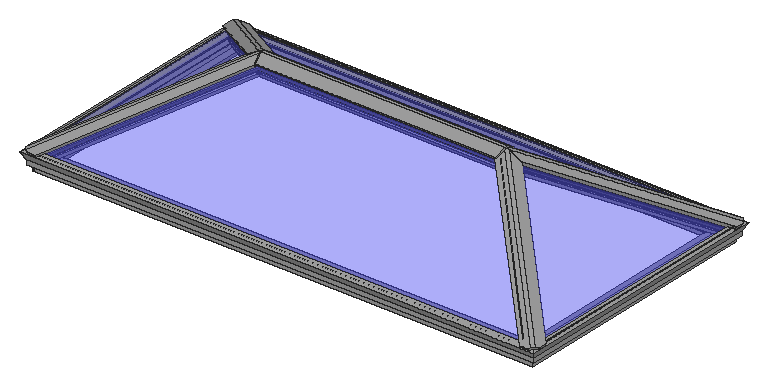
Revit family "Versalite™ Glass - Hipped End - Insulating Glass", category Generic Models, Revit 2015 (continued)
Definition of nested family "Short Section 2"
  Definition of nested family "Short Section 2"
    Definition of nested family "Ridge"
      Dimensions and locks (in)
        "Triangular Length": plane 5 to plane 6
        locked: nested 1 to plane 5 at 0.3646
        locked: nested 1 to plane 6 at 0.66879
        angle plane 1 "Center (Front/Back)" to plane 4 = 30.00°
      Nested families (in)
        nested 1: "Glazing Panel" at (-10.73455, -6.38644, 0) x (0.866, 0.5, 0) z (0, 0, 1), type "Glazing Panel", in view "Ref. Level", not visible
          with Width 1' - 11.64282"
      Definition of nested family "Glazing Panel"
        Parameters (values of type "Glazing Panel")
          Width [instance] = 2' - 10 105/128"
        Reference planes (in)
          plane 1 "Center (Front/Back)": y = 0
          plane 2: z = 0
          plane 3 "Center (Left/Right)": x = 0
          plane 4: x = -17.07812
          plane 5: x = 17.07812
          plane 6: x = -17.41016
          plane 7: x = 17.41016
        Lines and regions (in)
          detail lines, in view "Ref. Level"
            curve 1: line (17.04687, 1.1551, 0) -> (-17.04687, 1.1551, 0)
            curve 3: line (17.04687, 0.164, 0) -> (-17.04687, 0.164, 0)
            curve 5: line (-17.04687, 1.1551, 0) -> (-17.04687, 0.164, 0)
            curve 6: line (17.04687, 1.1551, 0) -> (17.04687, 0.164, 0)
          detail lines, in view "Ref. Level", detail levels fine
            curve 2: line (17.04687, 0.38962, 0) -> (-17.04687, 0.38962, 0)
            curve 4: line (17.04687, 0.26325, 0) -> (-17.04687, 0.26325, 0)
            curve 7: line (17.04687, 0.92946, 0) -> (-17.04687, 0.92946, 0)
        Dimensions and locks (in)
          equal spacing: plane 4, plane 3 "Center (Left/Right)", plane 5
          "Width": plane 6 to plane 7
          locked: curve 6 to plane 5 at 0.03125
          locked: plane 4 to curve 5 at 0.03125
          locked: plane 6 to plane 4 at 0.33203
          locked: plane 5 to plane 7 at 0.33203
        Automatic sketch dimensions
          curve 3 to plane 1 "Center (Front/Back)" = 0' - 0.164"
          curve 3 to curve 5 = 0' - 0.9911"
          curve 3 to curve 4 = 0' - 0.09925"
          curve 4 to curve 2 = 0' - 0.12637"
          curve 7 to curve 1 = 0' - 0.22565"
    Definition of nested family "Trapeze Glazing Panel"
      Parameters (values of type "Trapeze Glazing Panel")
        Width [instance] = 3' - 0"
      Reference planes (in)
        plane 1 "Center (Front/Back)": y = 0
        plane 2: z = 0
        plane 3 "Center (Left/Right)": x = 0
        plane 4: x = -17.4375
        plane 5: x = 17.4375
        plane 6: x = -18
        plane 7: x = 18
      Lines and regions (in)
        detail lines, in view "Ref. Level"
          curve 1: line (16.98555, 1.1161, 0) -> (-16.98555, 1.1161, 0)
          curve 2: line (17.08133, 0.89046, 0) -> (-17.08133, 0.89046, 0)
          curve 3: line (17.40625, 0.125, 0) -> (-17.40625, 0.125, 0)
          curve 4: line (17.36412, 0.22425, 0) -> (-17.36412, 0.22425, 0)
          curve 5: line (-16.98555, 1.1161, 0) -> (-17.40625, 0.125, 0)
          curve 6: line (16.98555, 1.1161, 0) -> (17.40625, 0.125, 0)
          curve 7: line (17.31048, 0.35062, 0) -> (-17.31048, 0.35062, 0)
      Dimensions and locks (in)
        equal spacing: plane 4, plane 3 "Center (Left/Right)", plane 5
        "Width": plane 6 to plane 7
        locked: plane 6 to plane 4 at 0.5625
        locked: plane 5 to plane 7 at 0.5625
        locked: curve 6 to plane 5 at 0.03125
        locked: plane 4 to curve 5 at 0.03125
      Automatic sketch dimensions
        plane 5 to curve 1 = 0' - 0.45195"
        curve 3 to plane 1 "Center (Front/Back)" = 0' - 0 1/8"
        curve 3 to curve 6 = 0' - 0.9911"
        plane 4 to curve 4 = 0' - 0.07338"
        plane 4 to curve 7 = 0' - 0.12702"
        curve 2 to curve 1 = 0' - 0.09578"
        plane 5 to curve 7 = 0' - 0.12702"
Definition of nested family "Short Section"
  Parameters (values of type "Short Section-3D")
    Width [instance] = 8' - 0"
    Ridge Length [instance] = 3' - 0"
  Reference planes (in)
    plane 1 "Center (Front/Back)": y = 0
    plane 2: z = 0
    plane 3 "Center (Left/Right)": x = 0
    plane 4: x = -18
    plane 5: x = 18
  Lines and regions (in)
    model lines, not visible
      curve 1: line (-18, 0, 0) -> (18, 0, 0)
  Dimensions and locks (in)
    equal spacing: plane 4, plane 3 "Center (Left/Right)", plane 5
    "Ridge Length": plane 4 to plane 5
    aligned and locked: plane 2 to level
    aligned and locked: nested 1 to plane 1 "Center (Front/Back)"
    aligned and locked: nested 1 to level
    aligned and locked: plane 4 to curve 1
    aligned and locked: plane 5 to curve 1
  Automatic sketch dimensions
    plane 1 "Center (Front/Back)" to curve 1 = 0' - 0"
  Nested families (in)
    nested 1: "Short Section" at (0, 0, 0) x (0, 1, 0) z (1, 0, 0), Width <- "Width", type "Short Section"
      with Width Limitation 8' - 0", Width 8' - 0", Raster 4' - 0", Nett Length 4' - 8.64047", Height 2' - 5.85734"
  Definition of nested family "Short Section"
    Parameters (values of type "Short Section")
      Width Limitation [instance] = if(Width > 8' 0", 8' 0", Width)  # 5' - 0"
      Width [instance] = 5' - 0"
      Raster [instance] = Width Limitation / 2  # 2' - 6"
      Nett Length [instance] = Height / sin(30.00°) - 0' 3 19/256"  # 2' - 11.85586"
      Height [instance] = (Raster * tan(30.00°)) + (0' 2 37/256")  # 1' - 7.46504"
    Reference planes (in)
      plane 1 "Center (Front/Back)": y = 0
      plane 2: z = 0
      plane 3 "Center (Left/Right)": x = 0
      plane 4: y = 19.46504
      plane 5: x = -30
      plane 6: x = 30
    Dimensions and locks (in)
      "Height": plane 1 "Center (Front/Back)" to plane 4
      equal spacing: plane 5, plane 3 "Center (Left/Right)", plane 6
      "Width Limitation": plane 5 to plane 6
      locked: plane 4 to nested 1 at 2.07246
      aligned and locked: plane 3 "Center (Left/Right)" to nested 1
      aligned and locked: plane 5 to nested 2
      aligned and locked: nested 3 to plane 6
      aligned and locked: nested 3 to plane 1 "Center (Front/Back)"
      aligned and locked: plane 1 "Center (Front/Back)" to nested 2
    Nested families (in)
      nested 1: "Ridge-DI" at (0, 17.39258, 0), type "Ridge-DI", in view "Ref. Level"
      nested 2: "Sill-DI" at (-30, 0, 0), type "Sill-DI", in view "Ref. Level"
      nested 3: "Sill-DI" at (30, 0, 0) x (-1, 0, 0) z (0, 0, 1), type "Sill-DI", in view "Ref. Level"
    Definition of nested family "Ridge-DI"
      Reference planes (in)
        plane 1 "Center (Front/Back)": y = 0
        plane 2: z = 0
        plane 3 "Center (Left/Right)": x = 0
      Lines and regions (in)
        detail lines, in view "Ref. Level"
          curve 1: line (-1.19822, -1.52279, 0) -> (0, -0.831, 0)
          curve 2: line (0, -0.831, 0) -> (1.19822, -1.52279, 0)
          curve 3: line (1.19822, -1.52279, 0) -> (1.6472, -0.74427, 0)
          curve 4: line (1.6472, -0.74427, 0) -> (0.68675, -0.18975, 0)
          curve 5: line (0.68675, -0.18975, 0) -> (1.18192, 0.66887, 0)
          curve 6: line (1.18192, 0.66887, 0) -> (1.76555, 0.3319, 0)
          curve 7: line (1.76555, 0.3319, 0) -> (2.1846, 1.05852, 0)
          curve 8: line (2.1846, 1.05852, 0) -> (0.35947, 2.112, 0)
          curve 9: line (0.35947, 2.112, 0) -> (-0.35947, 2.112, 0)
          curve 10: line (-0.35947, 2.112, 0) -> (-2.1846, 1.05852, 0)
          curve 11: line (-2.1846, 1.05852, 0) -> (-1.76555, 0.3319, 0)
          curve 12: line (-1.76555, 0.3319, 0) -> (-1.18192, 0.66887, 0)
          curve 13: line (-1.18192, 0.66887, 0) -> (-0.68675, -0.18975, 0)
          curve 14: line (-0.68675, -0.18975, 0) -> (-1.6472, -0.74427, 0)
          curve 15: line (-1.6472, -0.74427, 0) -> (-1.19822, -1.52279, 0)
    Definition of nested family "Sill-DI"
      Reference planes (in)
        plane 1 "Center (Front/Back)": y = 0
        plane 2: z = 0
        plane 3 "Center (Left/Right)": x = 0
      Lines and regions (in)
        detail lines, in view "Ref. Level"
          curve 1: line (-0.69693, -1.58967, 0) -> (-0.69693, -2.67033, 0)
          curve 2: line (-0.69693, -2.67033, 0) -> (-0.57712, -2.67033, 0)
          curve 3: line (-0.57712, -2.67033, 0) -> (-0.57712, -1.35004, 0)
          curve 4: line (-0.57712, -1.35004, 0) -> (2.63565, -1.35004, 0)
          curve 5: line (2.63565, -0.75335, 0) -> (2.63565, -1.35004, 0)
          curve 6: line (1.24871, -0.75335, 0) -> (2.63565, -0.75335, 0)
          curve 7: line (1.24871, -0.75335, 0) -> (0.93348, -0.20736, 0)
          curve 8: line (0.93348, -0.20736, 0) -> (0.38328, -0.52501, 0)
          curve 9: line (-0.04681, 0.26485, 0) -> (0.38328, -0.52501, 0)
          curve 10: line (-0.89589, -0.22536, 0) -> (-0.04681, 0.26485, 0)
          curve 11: line (-1.39114, 0.63313, 0) -> (-0.89589, -0.22536, 0)
          curve 12: line (-0.84321, 0.94948, 0) -> (-1.39114, 0.63313, 0)
          curve 13: line (-1.00903, 1.23669, 0) -> (-2.04666, 0.63762, 0)
          curve 14: line (-0.84321, 0.94948, 0) -> (-1.00903, 1.23669, 0)
          curve 15: line (-1.00903, 1.23669, 0) -> (-2.04666, 0.63762, 0)
          curve 16: line (-2.04666, 0.63762, 0) -> (-1.296, -0.66255, 0)
          curve 17: line (-1.296, -0.66255, 0) -> (-1.296, -1.58967, 0)
          curve 18: line (-1.296, -1.58967, 0) -> (-0.69693, -1.58967, 0)
Definition of nested family "Sill"
  Parameters (values of type "Sill-3D")
    Length [instance] = 2' - 4"
  Reference planes (in)
    plane 1 "Center (Front/Back)": y = 0
    plane 2: z = 0
    plane 3 "Center (Left/Right)": x = 0
    plane 4: x = -14
    plane 5: x = 14
  Lines and regions (in)
    model lines, not visible
      curve 1: line (-14, 0, 0) -> (14, 0, 0)
  Dimensions and locks (in)
    equal spacing: plane 4, plane 3 "Center (Left/Right)", plane 5
    "Length": plane 4 to plane 5
    aligned and locked: plane 2 to level
    aligned and locked: plane 4 to curve 1
    aligned and locked: plane 5 to curve 1
  Automatic sketch dimensions
    plane 1 "Center (Front/Back)" to curve 1 = 0' - 0"
  Nested families (in)
    nested 1: "Sill-DI" at (0, 0, 0) x (0, -1, 0) z (1, 0, 0), type "Sill-DI"
  Definition of nested family "Sill-DI"
    Reference planes (in)
      plane 1 "Center (Front/Back)": y = 0
      plane 2: z = 0
      plane 3 "Center (Left/Right)": x = 0
    Lines and regions (in)
      detail lines, in view "Ref. Level"
        curve 1: line (-0.69693, -1.58967, 0) -> (-0.69693, -2.67033, 0)
        curve 2: line (-0.69693, -2.67033, 0) -> (-0.57712, -2.67033, 0)
        curve 3: line (-0.57712, -2.67033, 0) -> (-0.57712, -1.35004, 0)
        curve 4: line (-0.57712, -1.35004, 0) -> (2.63565, -1.35004, 0)
        curve 5: line (2.63565, -0.75335, 0) -> (2.63565, -1.35004, 0)
        curve 6: line (1.24871, -0.75335, 0) -> (2.63565, -0.75335, 0)
        curve 7: line (1.24871, -0.75335, 0) -> (0.93348, -0.20736, 0)
        curve 8: line (0.93348, -0.20736, 0) -> (0.38328, -0.52501, 0)
        curve 9: line (-0.04681, 0.26485, 0) -> (0.38328, -0.52501, 0)
        curve 10: line (-0.89589, -0.22536, 0) -> (-0.04681, 0.26485, 0)
        curve 11: line (-1.39114, 0.63313, 0) -> (-0.89589, -0.22536, 0)
        curve 12: line (-0.84321, 0.94948, 0) -> (-1.39114, 0.63313, 0)
        curve 13: line (-1.00903, 1.23669, 0) -> (-2.04666, 0.63762, 0)
        curve 14: line (-0.84321, 0.94948, 0) -> (-1.00903, 1.23669, 0)
        curve 15: line (-1.00903, 1.23669, 0) -> (-2.04666, 0.63762, 0)
        curve 16: line (-2.04666, 0.63762, 0) -> (-1.296, -0.66255, 0)
        curve 17: line (-1.296, -0.66255, 0) -> (-1.296, -1.58967, 0)
        curve 18: line (-1.296, -1.58967, 0) -> (-0.69693, -1.58967, 0)
